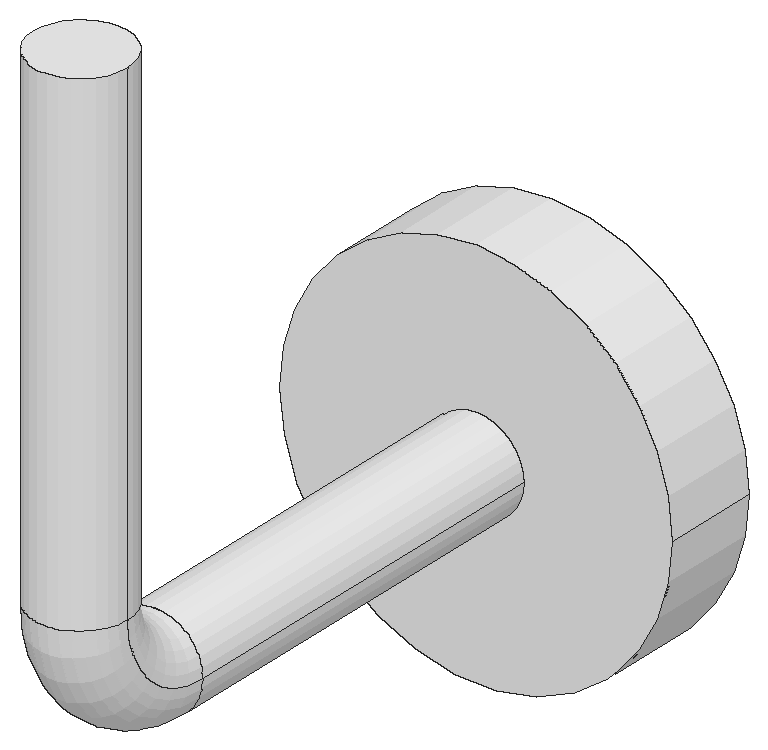
Revit family "M_Support - Metal - Circular1", category Supports, Revit 2025
Family settings
  Work Plane-Based = No
  Always vertical = Yes
  Cut with Voids When Loaded = No
  Shared = No
Parameters (values of type "M_Support - Metal - Circular 2")
  T1 = 12 mm
  Support Material = Aluminum
  Radius 2 = 6 mm
  Radius 1 = 25 mm
  built-in parameter 1152166 = 75 mm
  Height [instance] = 75 mm
  Bend Radius = 2 * Radius 2  # 12 mm
Reference planes
  plane 1 "Center (Front/Back)": y = 0
  plane 2: z = 0
  plane 3 "Center (Left/Right)": x = 0
  plane 4 "Height": z = -75
  plane 5 "Hand Clearance": y = 75
  plane 6: y = 63
  plane 7: z = -63
  plane 8: y = 12
  plane 9: x = -25
  plane 10: x = 25
  plane 11: x = -6
  plane 12: x = 6
Forms (mm)
  Extrusion 1, solid, material "Aluminum" <- "Support Material"
    sketch origin (0, 0, 0) x (1, 0, 0) y (0, 0, 1)
      loop
        circle (0, -75) r 25
    from -75 to -63
  Sweep 2, solid, material "Aluminum" <- "Support Material"
    path origin (0, 0, 0) x (0, 1, 0) y (0, 0, 1)
      loop
        line (0, 0) -> (0, -63)
        arc (0, -63) -> (3.515, -71.485) -> (12, -75) r 12
        line (12, -75) -> (63, -75)
    profile origin (0, 0, -31.5) x (1, 0, 0) y (0, 1, 0)
      loop
        circle (0, 0) r 6
Lines and regions (mm)
  Masking region 1, detail levels fine
    outline origin (0, 0, 0) x (1, 0, 0) y (0, 1, 0)
      loop
        line (-25, 75) -> (-25, 63) -> (-6, 63) -> (-6, 0)
        arc (-6, 0) -> (0, -6) -> (6, 0) r 6
        line (6, 0) -> (6, 63) -> (25, 63) -> (25, 75) -> (-25, 75)
  symbolic lines, detail levels fine
    curve 1: line (-25, 75, 0) -> (25, 75, 0)
    curve 2: line (-25, 63, 0) -> (-25, 75, 0)
    curve 3: line (25, 63, 0) -> (-25, 63, 0)
    curve 4: line (25, 75, 0) -> (25, 63, 0)
    curve 5: line (-6, 63, 0) -> (-6, 0, 0)
    curve 6: line (6, 63, 0) -> (6, 0, 0)
    curve 7: arc (-6, 0, 0) -> (0, -6, 0) -> (6, 0, 0) r 6
Dimensions and locks
  "built-in parameter 1152166": plane 2 to plane 4 "Height"
  "Height": plane 5 "Hand Clearance" to plane 1 "Center (Front/Back)"
  "T1": plane 5 "Hand Clearance" to plane 6
  "Bend Radius": plane 7 to plane 4 "Height"
  "Bend Radius": plane 8 to plane 1 "Center (Front/Back)"
  equal spacing: plane 9, plane 3 "Center (Left/Right)", plane 10
  "Radius 1": plane 9 to plane 3 "Center (Left/Right)"
  equal spacing: plane 11, plane 3 "Center (Left/Right)", plane 12
  "Radius 2": plane 11 to plane 3 "Center (Left/Right)"
  "Radius 1": radius of Extrusion 1 sketch curve
  "Bend Radius": radius of Sweep 2 sketch curve
  "Radius 2": radius of Sweep 2 sketch curve
  "Radius 2": radius of curve 7
  "Radius 2": radius of Masking region 1 sketch curve
  aligned and locked: level to plane 2
  aligned and locked: plane 3 "Center (Left/Right)" to Extrusion 1 sketch curve
  aligned and locked: plane 4 "Height" to Extrusion 1 sketch curve
  aligned and locked: Extrusion 1 to plane 5 "Hand Clearance"
  aligned and locked: plane 6 to Extrusion 1
  aligned and locked: plane 6 to Sweep 2 sketch curve
  aligned and locked: plane 8 to Sweep 2 sketch curve  (x2)
  aligned and locked: Sweep 2 sketch curve to plane 4 "Height"
  aligned and locked: plane 2 to Sweep 2 sketch curve
  aligned and locked: Sweep 2 sketch curve to plane 1 "Center (Front/Back)"
  aligned and locked: plane 7 to Sweep 2 sketch curve  (x2)
  aligned and locked: plane 3 "Center (Left/Right)" to Sweep 2 sketch curve
  aligned and locked: plane 1 "Center (Front/Back)" to Sweep 2 sketch curve
  aligned and locked: plane 9 to curve 2
  aligned and locked: curve 4 to plane 10
  aligned and locked: plane 5 "Hand Clearance" to curve 1
  aligned and locked: plane 11 to curve 5
  aligned and locked: curve 6 to plane 12
  aligned and locked: plane 1 "Center (Front/Back)" to curve 6
  aligned and locked: plane 1 "Center (Front/Back)" to curve 5
  aligned and locked: plane 6 to curve 6
  aligned and locked: plane 6 to curve 5
  aligned and locked: plane 3 "Center (Left/Right)" to curve 7
  aligned and locked: plane 1 "Center (Front/Back)" to curve 7
  aligned and locked: Masking region 1 sketch curve to plane 6  (x2)
  aligned and locked: plane 9 to Masking region 1 sketch curve
  aligned and locked: Masking region 1 sketch curve to plane 10
  aligned and locked: plane 5 "Hand Clearance" to Masking region 1 sketch curve
  aligned and locked: Masking region 1 sketch curve to plane 12
  aligned and locked: plane 3 "Center (Left/Right)" to Masking region 1 sketch curve
  aligned and locked: plane 1 "Center (Front/Back)" to Masking region 1 sketch curve
